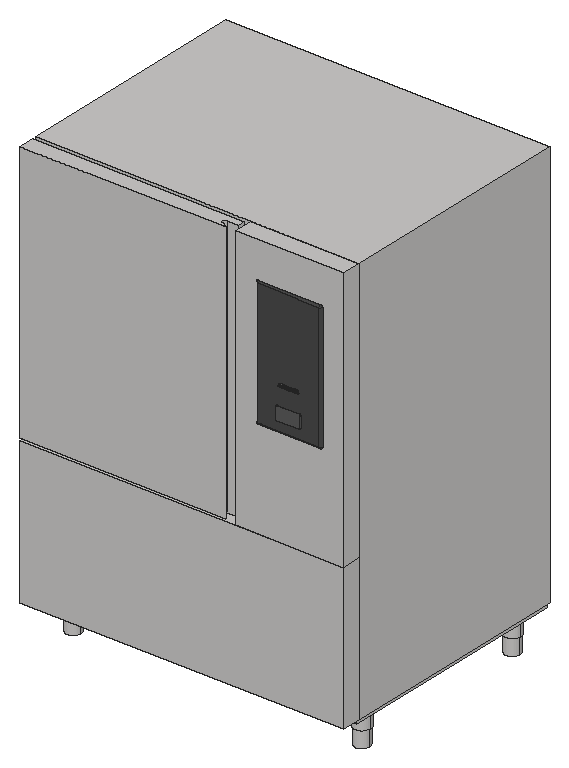
Revit family "QF_ALPENINOX_729255_ABFA12RE", category Specialty Equipment, Revit 2018
Family settings
  Round Connector Dimension = Use Diameter
  Part Type = Normal
  Work Plane-Based = No
  Always vertical = Yes
  Cut with Voids When Loaded = No
  Shared = No
  Room Calculation Point = No
Parameters (values of type "QF_ALPENINOX_729255_ABFA12RE.rfa")
  Weight = 290.00 kg
  Watts = 176.516 W
  Volts = 220 V
  URL Manufacturer = "http://www.alpeninox.com"
  URL = "http://www.alpeninox.com"
  Steam Supply Size = 0 mm
  Steam Supply Minimum Pressure = 0.0 Pa
  Steam Supply Maximum Pressure = 0.0 Pa
  Steam Pounds per Hour = 0
  Show Logo [instance] = yes
  Show Clearance [instance] = yes
  Refrigeration Suction Line Size = 0.059 mm
  Refrigeration Liquid Line Size = 0.031 mm
  Refrigerant Compressor Remote = yes
  Manufacturer = "Alpeninox"
  Phase = 1
  Model = "ABFA12RE"
  Length Actual = 1250 mm  # constant formula
  Item Number = "729255"
  Hot Water Size = 0 mm
  Height Actual = 1730 mm  # constant formula
  HP = "2.5 HP"
  Gas Size = 0 mm
  Gas KW = 0
  Gas Input Pressure = 0 W
  Description = "CRIO CHILL BLAST CHILLER FREEZER 100/70KG 10 GN 2/1 - REMOTE REFRIGERATED UNIT"
  Depth Actual = 1092 mm  # constant formula
  Cycle = 60 Hz
  Condensate Return Size = 0 mm
  Compressed Air Volume = 0.0 L/s
  Compressed Air Size = 0 mm
  Compressed Air Pressure = 0.0 Pa
  Cold Water Size = 0 mm
  Accessory = yes
Values of the unnamed type that differ from the named types
  Watts = 0 W
  Volts = 0 V
  URL Manufacturer = ""
  Item Number = ""
  HP = ""
  Cycle = 0 Hz
Reference planes
  plane 1 "Center X": y = 205.851
  plane 2: z = 0
  plane 3 "Center Y": x = -311.5
  plane 4 "BACK": y = 703.851
  plane 5 "FRONT": y = -292.149
  plane 6: z = 130
  plane 7 "TOP": z = 1730
  plane 8: y = 608.851
  plane 9: y = 795.851
  plane 10: y = -1071.149
  plane 11 "RIGHT": x = 313.5
  plane 12 "LEFT": x = -936.5
  plane 13: x = -869.5
  plane 14: x = 246.5
  plane 15: y = -118.149
Forms (mm)
  Extrusion 1, solid, material "QF_Finishes_Stainless Steel"
    sketch origin (0, 0, 1730) x (-1, 0, 0) y (0, -1, 0)
      loop
        line (936.5, -703.851) -> (936.5, 216.149) -> (-313.5, 216.149) -> (-313.5, -703.851) -> (936.5, -703.851)
    from 0 to -1580
  Extrusion 2, solid, material "QF_Finishes_Stainless Steel"
    sketch origin (-645.92, -0.954, 258.709) x (0, 1, 0) y (0, 0, 1)
      loop
        line (704.805, 694.306) -> (704.805, 392.314) -> (789.5, 399.789)
        arc (789.5, 399.789) -> (794.702, 402.354) -> (796.805, 407.759) r 8
        line (796.805, 407.759) -> (796.805, 433.233)
        arc (796.805, 433.233) -> (792.783, 442.547) -> (796.805, 451.86) r 12.795
        line (796.805, 451.86) -> (796.805, 483.24)
        arc (796.805, 483.24) -> (792.783, 492.554) -> (796.805, 501.867) r 12.795
        line (796.805, 501.867) -> (796.805, 533.247)
        arc (796.805, 533.247) -> (792.783, 542.56) -> (796.805, 551.874) r 12.795
        line (796.805, 551.874) -> (796.805, 583.254)
        arc (796.805, 583.254) -> (792.783, 592.567) -> (796.805, 601.881) r 12.795
        line (796.805, 601.881) -> (796.805, 634.796)
        arc (796.805, 634.796) -> (795.466, 639.795) -> (791.808, 643.455) r 10
        line (791.808, 643.455) -> (704.805, 694.306)
    from 618.187 to 801.865
  Extrusion 3, solid, material "QF_Finishes_Stainless Steel"
    sketch origin (-261.647, 703.851, 2065) x (1, 0, 0) y (0, 0, -1)
      loop
        circle (482.147, 1472) r 10.5
    from 0 to 29
  Extrusion 4, solid, material "QF_Finishes_Stainless Steel"
    sketch origin (-1206.916, -1524, 130) x (-1, 0, 0) y (0, -1, 0)
      loop
        line (-270.416, -1231.851) -> (-1520.416, -1231.851) -> (-1520.416, -1306.851) -> (-270.416, -1306.851) -> (-270.416, -1231.851)
    from 580 to 20.02
  Extrusion 5, solid, material "QF_Finishes_Stainless Steel"
    sketch origin (-1206.916, -1524, 130) x (-1, 0, 0) y (0, -1, 0)
      loop
        line (-279.416, -2227.851) -> (-279.416, -1309.851) -> (-1511.416, -1309.851) -> (-1511.416, -2227.851) -> (-279.416, -2227.851)
    from 20 to 0
  Extrusion 6, solid, material "QF_Finishes_Stainless Steel"
    sketch origin (-1206.916, -1524, 130) x (0, -1, 0) y (-1, 0, 0)
      loop
        circle (-1739.851, -840.416) r 9.5
    from 0 to 31.68
  Extrusion 7, void
    sketch origin (114.08, 0, 1730) x (-1, 0, 0) y (0, -1, 0)
      loop
        line (132.09, -795.851) -> (141.813, -795.851) -> (141.813, -703.851) -> (140.183, -703.851) -> (132.09, -795.851)
      loop
        line (-40.234, -703.851) -> (-41.865, -703.851) -> (-41.865, -795.851) -> (-32.141, -795.851) -> (-40.234, -703.851)
    from -1080 to -770
  Extrusion 8, solid, material "QF_Finishes_Stainless Steel"
    sketch origin (-445.5, 0, 1060.038) x (1, 0, 0) y (0, 1, 0)
      loop
        line (759, -292.149) -> (759, -217.149) -> (342, -217.149) -> (342, -292.149) -> (759, -292.149)
    from 669.962 to -349
  Extrusion 9, void
    sketch origin (136, -219.149, 1731) x (1, 0, 0) y (0, 0, -1)
      loop
        line (-387.5, 75) -> (-387.5, 977) -> (-998.5, 977) -> (-998.5, 75) -> (-387.5, 75)
    from 0 to 705
  Extrusion 10, solid, material "QF_Finishes_Stainless Steel"
    sketch origin (-936.5, 703.851, 1730) x (1, 0, 0) y (0, 0, -1)
      loop
        circle (1031.8, 1513) r 4.75
    from -100 to -80
  Extrusion 11, solid, material "QF_Finishes_Stainless Steel"
    sketch origin (-936.5, 703.851, 1730) x (1, 0, 0) y (0, 0, -1)
      loop
        circle (974.2, 1508) r 8
    from -100 to -20
  Extrusion 12, solid, material "QF_Finishes_Stainless Steel"
    sketch origin (-623, -292.149, 0) x (1, 0, 0) y (0, 0, -1)
      loop
        line (504.7, -1730) -> (504.7, -719.524) -> (-313.5, -719.524) -> (-313.5, -1730) -> (504.7, -1730)
    from 0 to 60
  Extrusion 13, solid, material "QF_Door-Drawer Clearances", visible <- "Show Clearance", detail levels coarse
    sketch origin (-623, 0, 1060.038) x (1, 0, 0) y (0, 1, 0)
      loop
        line (-260.5, -292.149) -> (-260.5, -1068.649)
        arc (-260.5, -1068.649) -> (276.158, -832.215) -> (504.7, -292.149) r 795
        line (504.7, -292.149) -> (-260.5, -292.149)
    from -340.514 to 669.962
  Extrusion 14, solid, material "QF_Door-Drawer Clearances", visible <- "Show Clearance", detail levels coarse
    sketch origin (-943.5, -326.949, 0) x (0, -1, 0) y (0, 0, -1)
      loop
        line (741.7, -1730) -> (741.7, -719.524) -> (-34.8, -719.524) -> (-34.8, -1730) -> (741.7, -1730)
    from 0 to 60
  Extrusion 15, void
    sketch origin (-791.045, 3, 0) x (1, 0, 0) y (0, 1, 0)
      loop
        arc (627.437, -262.922) -> (619.313, -269.056) -> (623.077, -278.514) r 8.395
        line (623.077, -278.514) -> (650.783, -295.149) -> (672.745, -295.149) -> (672.745, -262.922) -> (627.437, -262.922)
    from 719.524 to 1730
  Extrusion 16, void
    sketch origin (-1174.194, -617.449, 0) x (0, 1, 0) y (-1, 0, 0)
      loop
        arc (-405.892, -262.922) -> (-397.768, -256.787) -> (-401.532, -247.329) r 8.395
        line (-401.532, -247.329) -> (-429.238, -230.694) -> (-451.2, -230.694) -> (-451.2, -262.922) -> (-405.892, -262.922)
    from 719.524 to 1730
Cuts and joins
  Extrusion 9 cuts Extrusion 1
  Extrusion 7, Extrusion 9 cuts Extrusion 2
  Extrusion 9 cuts Extrusion 3
  Extrusion 9 cuts Extrusion 5
  Extrusion 9 cuts Extrusion 6
  joined: Extrusion 1, Extrusion 2, Extrusion 3, Extrusion 5, Extrusion 6
  Extrusion 15 cuts Extrusion 12
  Extrusion 15 cuts Extrusion 13
  Extrusion 16 cuts Extrusion 14
  joined: Extrusion 13, Extrusion 14
Lines and regions (mm)
  Split face 1
    outline origin (775.107, -292.149, -365.12) x (-1, 0, 0) y (0, 0, -1)
      loop
        line (491.638, -548.639) -> (601.654, -548.639) -> (601.654, -543.665) -> (491.638, -543.665) -> (491.638, -548.639)
  Split face 2
    outline origin (775.107, -292.149, -355.62) x (-1, 0, 0) y (0, 0, -1)
      loop
        line (491.638, -548.639) -> (601.654, -548.639) -> (601.654, -543.665) -> (491.638, -543.665) -> (491.638, -548.639)
  Split face 3
    outline origin (775.107, -292.149, -346.12) x (-1, 0, 0) y (0, 0, -1)
      loop
        line (491.638, -548.639) -> (601.654, -548.639) -> (601.654, -543.665) -> (491.638, -543.665) -> (491.638, -548.639)
  Split face 4
    outline origin (775.107, -292.149, -336.62) x (-1, 0, 0) y (0, 0, -1)
      loop
        line (491.638, -548.639) -> (601.654, -548.639) -> (601.654, -543.665) -> (491.638, -543.665) -> (491.638, -548.639)
  Split face 5
    outline origin (775.107, -292.149, -327.12) x (-1, 0, 0) y (0, 0, -1)
      loop
        line (491.638, -548.639) -> (601.654, -548.639) -> (601.654, -543.665) -> (491.638, -543.665) -> (491.638, -548.639)
  Split face 6
    outline origin (775.107, -292.149, -317.619) x (-1, 0, 0) y (0, 0, -1)
      loop
        line (491.638, -548.639) -> (601.654, -548.639) -> (601.654, -543.665) -> (491.638, -543.665) -> (491.638, -548.639)
  Split face 7
    outline origin (775.107, -292.149, -308.119) x (-1, 0, 0) y (0, 0, -1)
      loop
        line (491.638, -548.639) -> (601.654, -548.639) -> (601.654, -543.665) -> (491.638, -543.665) -> (491.638, -548.639)
  Split face 8
    outline origin (775.107, -292.149, -298.619) x (-1, 0, 0) y (0, 0, -1)
      loop
        line (491.638, -548.639) -> (601.654, -548.639) -> (601.654, -543.665) -> (491.638, -543.665) -> (491.638, -548.639)
  Split face 9
    outline origin (775.107, -292.149, -289.119) x (-1, 0, 0) y (0, 0, -1)
      loop
        line (491.638, -548.639) -> (601.654, -548.639) -> (601.654, -543.665) -> (491.638, -543.665) -> (491.638, -548.639)
  Split face 10
    outline origin (775.107, -292.149, -279.619) x (-1, 0, 0) y (0, 0, -1)
      loop
        line (491.638, -548.639) -> (601.654, -548.639) -> (601.654, -543.665) -> (491.638, -543.665) -> (491.638, -548.639)
  Split face 11
    outline origin (775.107, -292.149, -270.119) x (-1, 0, 0) y (0, 0, -1)
      loop
        line (491.638, -548.639) -> (601.654, -548.639) -> (601.654, -543.665) -> (491.638, -543.665) -> (491.638, -548.639)
  Split face 12
    outline origin (775.107, -292.149, -260.619) x (-1, 0, 0) y (0, 0, -1)
      loop
        line (491.638, -548.639) -> (601.654, -548.639) -> (601.654, -543.665) -> (491.638, -543.665) -> (491.638, -548.639)
  Split face 13
    outline origin (775.107, -292.149, -251.119) x (-1, 0, 0) y (0, 0, -1)
      loop
        line (491.638, -548.639) -> (601.654, -548.639) -> (601.654, -543.665) -> (491.638, -543.665) -> (491.638, -548.639)
  Split face 14
    outline origin (775.107, -292.149, -241.619) x (-1, 0, 0) y (0, 0, -1)
      loop
        line (491.638, -548.639) -> (601.654, -548.639) -> (601.654, -543.665) -> (491.638, -543.665) -> (491.638, -548.639)
  Split face 15
    outline origin (775.107, -292.149, -232.119) x (-1, 0, 0) y (0, 0, -1)
      loop
        line (491.638, -548.639) -> (601.654, -548.639) -> (601.654, -543.665) -> (491.638, -543.665) -> (491.638, -548.639)
  Split face 16
    outline origin (775.107, -292.149, -222.619) x (-1, 0, 0) y (0, 0, -1)
      loop
        line (491.638, -548.639) -> (601.654, -548.639) -> (601.654, -543.665) -> (491.638, -543.665) -> (491.638, -548.639)
  Split face 17
    outline origin (775.107, -292.149, -213.119) x (-1, 0, 0) y (0, 0, -1)
      loop
        line (491.638, -548.639) -> (601.654, -548.639) -> (601.654, -543.665) -> (491.638, -543.665) -> (491.638, -548.639)
  Split face 18
    outline origin (775.107, -292.149, -203.619) x (-1, 0, 0) y (0, 0, -1)
      loop
        line (491.638, -548.639) -> (601.654, -548.639) -> (601.654, -543.665) -> (491.638, -543.665) -> (491.638, -548.639)
  Split face 19
    outline origin (775.107, -292.149, -194.118) x (-1, 0, 0) y (0, 0, -1)
      loop
        line (491.638, -548.639) -> (601.654, -548.639) -> (601.654, -543.665) -> (491.638, -543.665) -> (491.638, -548.639)
  Split face 20
    outline origin (775.107, -292.149, -184.618) x (-1, 0, 0) y (0, 0, -1)
      loop
        line (491.638, -548.639) -> (601.654, -548.639) -> (601.654, -543.665) -> (491.638, -543.665) -> (491.638, -548.639)
  Split face 21
    outline origin (775.107, -292.149, -175.118) x (-1, 0, 0) y (0, 0, -1)
      loop
        line (491.638, -548.639) -> (601.654, -548.639) -> (601.654, -543.665) -> (491.638, -543.665) -> (491.638, -548.639)
  Split face 22
    outline origin (775.107, -292.149, -165.618) x (-1, 0, 0) y (0, 0, -1)
      loop
        line (491.638, -548.639) -> (601.654, -548.639) -> (601.654, -543.665) -> (491.638, -543.665) -> (491.638, -548.639)
  Split face 23
    outline origin (775.107, -292.149, -156.118) x (-1, 0, 0) y (0, 0, -1)
      loop
        line (491.638, -548.639) -> (601.654, -548.639) -> (601.654, -543.665) -> (491.638, -543.665) -> (491.638, -548.639)
  Split face 24
    outline origin (775.107, -292.149, -146.618) x (-1, 0, 0) y (0, 0, -1)
      loop
        line (491.638, -548.639) -> (601.654, -548.639) -> (601.654, -543.665) -> (491.638, -543.665) -> (491.638, -548.639)
  Split face 25
    outline origin (775.107, -292.149, -137.118) x (-1, 0, 0) y (0, 0, -1)
      loop
        line (491.638, -548.639) -> (601.654, -548.639) -> (601.654, -543.665) -> (491.638, -543.665) -> (491.638, -548.639)
  Split face 26
    outline origin (775.107, -292.149, -127.618) x (-1, 0, 0) y (0, 0, -1)
      loop
        line (491.638, -548.639) -> (601.654, -548.639) -> (601.654, -543.665) -> (491.638, -543.665) -> (491.638, -548.639)
  Split face 27
    outline origin (775.107, -292.149, -118.118) x (-1, 0, 0) y (0, 0, -1)
      loop
        line (491.638, -548.639) -> (601.654, -548.639) -> (601.654, -543.665) -> (491.638, -543.665) -> (491.638, -548.639)
  Split face 28
    outline origin (775.107, -292.149, -108.618) x (-1, 0, 0) y (0, 0, -1)
      loop
        line (491.638, -548.639) -> (601.654, -548.639) -> (601.654, -543.665) -> (491.638, -543.665) -> (491.638, -548.639)
  Split face 29
    outline origin (775.107, -292.149, -99.118) x (-1, 0, 0) y (0, 0, -1)
      loop
        line (491.638, -548.639) -> (601.654, -548.639) -> (601.654, -543.665) -> (491.638, -543.665) -> (491.638, -548.639)
  Split face 30
    outline origin (775.107, -292.149, -89.618) x (-1, 0, 0) y (0, 0, -1)
      loop
        line (491.638, -548.639) -> (601.654, -548.639) -> (601.654, -543.665) -> (491.638, -543.665) -> (491.638, -548.639)
  Split face 31
    outline origin (775.107, -292.149, -80.117) x (-1, 0, 0) y (0, 0, -1)
      loop
        line (491.638, -548.639) -> (601.654, -548.639) -> (601.654, -543.665) -> (491.638, -543.665) -> (491.638, -548.639)
  Split face 32
    outline origin (775.107, -292.149, -70.617) x (-1, 0, 0) y (0, 0, -1)
      loop
        line (491.638, -548.639) -> (601.654, -548.639) -> (601.654, -543.665) -> (491.638, -543.665) -> (491.638, -548.639)
  Split face 33
    outline origin (775.107, -292.149, -61.117) x (-1, 0, 0) y (0, 0, -1)
      loop
        line (491.638, -548.639) -> (601.654, -548.639) -> (601.654, -543.665) -> (491.638, -543.665) -> (491.638, -548.639)
  Split face 34
    outline origin (775.107, -292.149, -51.617) x (-1, 0, 0) y (0, 0, -1)
      loop
        line (491.638, -548.639) -> (601.654, -548.639) -> (601.654, -543.665) -> (491.638, -543.665) -> (491.638, -548.639)
  Split face 35
    outline origin (775.107, -292.149, -42.117) x (-1, 0, 0) y (0, 0, -1)
      loop
        line (491.638, -548.639) -> (601.654, -548.639) -> (601.654, -543.665) -> (491.638, -543.665) -> (491.638, -548.639)
  Split face 36
    outline origin (775.107, -292.149, -32.617) x (-1, 0, 0) y (0, 0, -1)
      loop
        line (491.638, -548.639) -> (601.654, -548.639) -> (601.654, -543.665) -> (491.638, -543.665) -> (491.638, -548.639)
  Split face 37
    outline origin (775.107, -292.149, -23.117) x (-1, 0, 0) y (0, 0, -1)
      loop
        line (491.638, -548.639) -> (601.654, -548.639) -> (601.654, -543.665) -> (491.638, -543.665) -> (491.638, -548.639)
  Split face 38
    outline origin (775.107, -292.149, -13.617) x (-1, 0, 0) y (0, 0, -1)
      loop
        line (491.638, -548.639) -> (601.654, -548.639) -> (601.654, -543.665) -> (491.638, -543.665) -> (491.638, -548.639)
  Split face 39
    outline origin (775.107, -292.149, -4.117) x (-1, 0, 0) y (0, 0, -1)
      loop
        line (491.638, -548.639) -> (601.654, -548.639) -> (601.654, -543.665) -> (491.638, -543.665) -> (491.638, -548.639)
  Split face 40
    outline origin (775.107, -292.149, 5.383) x (-1, 0, 0) y (0, 0, -1)
      loop
        line (491.638, -548.639) -> (601.654, -548.639) -> (601.654, -543.665) -> (491.638, -543.665) -> (491.638, -548.639)
  Split face 41
    outline origin (775.107, -292.149, 14.883) x (-1, 0, 0) y (0, 0, -1)
      loop
        line (491.638, -548.639) -> (601.654, -548.639) -> (601.654, -543.665) -> (491.638, -543.665) -> (491.638, -548.639)
  Split face 42
    outline origin (655.115, -292.149, -365.12) x (-1, 0, 0) y (0, 0, -1)
      loop
        line (491.638, -548.639) -> (601.654, -548.639) -> (601.654, -543.665) -> (491.638, -543.665) -> (491.638, -548.639)
  Split face 43
    outline origin (655.115, -292.149, -355.62) x (-1, 0, 0) y (0, 0, -1)
      loop
        line (491.638, -548.639) -> (601.654, -548.639) -> (601.654, -543.665) -> (491.638, -543.665) -> (491.638, -548.639)
  Split face 44
    outline origin (655.115, -292.149, -346.12) x (-1, 0, 0) y (0, 0, -1)
      loop
        line (491.638, -548.639) -> (601.654, -548.639) -> (601.654, -543.665) -> (491.638, -543.665) -> (491.638, -548.639)
  Split face 45
    outline origin (655.115, -292.149, -336.62) x (-1, 0, 0) y (0, 0, -1)
      loop
        line (491.638, -548.639) -> (601.654, -548.639) -> (601.654, -543.665) -> (491.638, -543.665) -> (491.638, -548.639)
  Split face 46
    outline origin (655.115, -292.149, -327.12) x (-1, 0, 0) y (0, 0, -1)
      loop
        line (491.638, -548.639) -> (601.654, -548.639) -> (601.654, -543.665) -> (491.638, -543.665) -> (491.638, -548.639)
  Split face 47
    outline origin (655.115, -292.149, -317.619) x (-1, 0, 0) y (0, 0, -1)
      loop
        line (491.638, -548.639) -> (601.654, -548.639) -> (601.654, -543.665) -> (491.638, -543.665) -> (491.638, -548.639)
  Split face 48
    outline origin (655.115, -292.149, -308.119) x (-1, 0, 0) y (0, 0, -1)
      loop
        line (491.638, -548.639) -> (601.654, -548.639) -> (601.654, -543.665) -> (491.638, -543.665) -> (491.638, -548.639)
  Split face 49
    outline origin (655.115, -292.149, -298.619) x (-1, 0, 0) y (0, 0, -1)
      loop
        line (491.638, -548.639) -> (601.654, -548.639) -> (601.654, -543.665) -> (491.638, -543.665) -> (491.638, -548.639)
  Split face 50
    outline origin (655.115, -292.149, -289.119) x (-1, 0, 0) y (0, 0, -1)
      loop
        line (491.638, -548.639) -> (601.654, -548.639) -> (601.654, -543.665) -> (491.638, -543.665) -> (491.638, -548.639)
  Split face 51
    outline origin (655.115, -292.149, -279.619) x (-1, 0, 0) y (0, 0, -1)
      loop
        line (491.638, -548.639) -> (601.654, -548.639) -> (601.654, -543.665) -> (491.638, -543.665) -> (491.638, -548.639)
  Split face 52
    outline origin (655.115, -292.149, -270.119) x (-1, 0, 0) y (0, 0, -1)
      loop
        line (491.638, -548.639) -> (601.654, -548.639) -> (601.654, -543.665) -> (491.638, -543.665) -> (491.638, -548.639)
  Split face 53
    outline origin (655.115, -292.149, -260.619) x (-1, 0, 0) y (0, 0, -1)
      loop
        line (491.638, -548.639) -> (601.654, -548.639) -> (601.654, -543.665) -> (491.638, -543.665) -> (491.638, -548.639)
  Split face 54
    outline origin (655.115, -292.149, -251.119) x (-1, 0, 0) y (0, 0, -1)
      loop
        line (491.638, -548.639) -> (601.654, -548.639) -> (601.654, -543.665) -> (491.638, -543.665) -> (491.638, -548.639)
  Split face 55
    outline origin (655.115, -292.149, -241.619) x (-1, 0, 0) y (0, 0, -1)
      loop
        line (491.638, -548.639) -> (601.654, -548.639) -> (601.654, -543.665) -> (491.638, -543.665) -> (491.638, -548.639)
  Split face 56
    outline origin (655.115, -292.149, -232.119) x (-1, 0, 0) y (0, 0, -1)
      loop
        line (491.638, -548.639) -> (601.654, -548.639) -> (601.654, -543.665) -> (491.638, -543.665) -> (491.638, -548.639)
  Split face 57
    outline origin (655.115, -292.149, -222.619) x (-1, 0, 0) y (0, 0, -1)
      loop
        line (491.638, -548.639) -> (601.654, -548.639) -> (601.654, -543.665) -> (491.638, -543.665) -> (491.638, -548.639)
  Split face 58
    outline origin (655.115, -292.149, -213.119) x (-1, 0, 0) y (0, 0, -1)
      loop
        line (491.638, -548.639) -> (601.654, -548.639) -> (601.654, -543.665) -> (491.638, -543.665) -> (491.638, -548.639)
  Split face 59
    outline origin (655.115, -292.149, -203.619) x (-1, 0, 0) y (0, 0, -1)
      loop
        line (491.638, -548.639) -> (601.654, -548.639) -> (601.654, -543.665) -> (491.638, -543.665) -> (491.638, -548.639)
  Split face 60
    outline origin (655.115, -292.149, -194.118) x (-1, 0, 0) y (0, 0, -1)
      loop
        line (491.638, -548.639) -> (601.654, -548.639) -> (601.654, -543.665) -> (491.638, -543.665) -> (491.638, -548.639)
  Split face 61
    outline origin (655.115, -292.149, -184.618) x (-1, 0, 0) y (0, 0, -1)
      loop
        line (491.638, -548.639) -> (601.654, -548.639) -> (601.654, -543.665) -> (491.638, -543.665) -> (491.638, -548.639)
  Split face 62
    outline origin (655.115, -292.149, -175.118) x (-1, 0, 0) y (0, 0, -1)
      loop
        line (491.638, -548.639) -> (601.654, -548.639) -> (601.654, -543.665) -> (491.638, -543.665) -> (491.638, -548.639)
  Split face 63
    outline origin (655.115, -292.149, -165.618) x (-1, 0, 0) y (0, 0, -1)
      loop
        line (491.638, -548.639) -> (601.654, -548.639) -> (601.654, -543.665) -> (491.638, -543.665) -> (491.638, -548.639)
  Split face 64
    outline origin (655.115, -292.149, -156.118) x (-1, 0, 0) y (0, 0, -1)
      loop
        line (491.638, -548.639) -> (601.654, -548.639) -> (601.654, -543.665) -> (491.638, -543.665) -> (491.638, -548.639)
  Split face 65
    outline origin (655.115, -292.149, -146.618) x (-1, 0, 0) y (0, 0, -1)
      loop
        line (491.638, -548.639) -> (601.654, -548.639) -> (601.654, -543.665) -> (491.638, -543.665) -> (491.638, -548.639)
  Split face 66
    outline origin (655.115, -292.149, -137.118) x (-1, 0, 0) y (0, 0, -1)
      loop
        line (491.638, -548.639) -> (601.654, -548.639) -> (601.654, -543.665) -> (491.638, -543.665) -> (491.638, -548.639)
  Split face 67
    outline origin (655.115, -292.149, -127.618) x (-1, 0, 0) y (0, 0, -1)
      loop
        line (491.638, -548.639) -> (601.654, -548.639) -> (601.654, -543.665) -> (491.638, -543.665) -> (491.638, -548.639)
  Split face 68
    outline origin (655.115, -292.149, -118.118) x (-1, 0, 0) y (0, 0, -1)
      loop
        line (491.638, -548.639) -> (601.654, -548.639) -> (601.654, -543.665) -> (491.638, -543.665) -> (491.638, -548.639)
  Split face 69
    outline origin (655.115, -292.149, -108.618) x (-1, 0, 0) y (0, 0, -1)
      loop
        line (491.638, -548.639) -> (601.654, -548.639) -> (601.654, -543.665) -> (491.638, -543.665) -> (491.638, -548.639)
  Split face 70
    outline origin (655.115, -292.149, -99.118) x (-1, 0, 0) y (0, 0, -1)
      loop
        line (491.638, -548.639) -> (601.654, -548.639) -> (601.654, -543.665) -> (491.638, -543.665) -> (491.638, -548.639)
  Split face 71
    outline origin (655.115, -292.149, -89.618) x (-1, 0, 0) y (0, 0, -1)
      loop
        line (491.638, -548.639) -> (601.654, -548.639) -> (601.654, -543.665) -> (491.638, -543.665) -> (491.638, -548.639)
  Split face 72
    outline origin (655.115, -292.149, -80.117) x (-1, 0, 0) y (0, 0, -1)
      loop
        line (491.638, -548.639) -> (601.654, -548.639) -> (601.654, -543.665) -> (491.638, -543.665) -> (491.638, -548.639)
  Split face 73
    outline origin (655.115, -292.149, -70.617) x (-1, 0, 0) y (0, 0, -1)
      loop
        line (491.638, -548.639) -> (601.654, -548.639) -> (601.654, -543.665) -> (491.638, -543.665) -> (491.638, -548.639)
  Split face 74
    outline origin (655.115, -292.149, -61.117) x (-1, 0, 0) y (0, 0, -1)
      loop
        line (491.638, -548.639) -> (601.654, -548.639) -> (601.654, -543.665) -> (491.638, -543.665) -> (491.638, -548.639)
  Split face 75
    outline origin (655.115, -292.149, -51.617) x (-1, 0, 0) y (0, 0, -1)
      loop
        line (491.638, -548.639) -> (601.654, -548.639) -> (601.654, -543.665) -> (491.638, -543.665) -> (491.638, -548.639)
  Split face 76
    outline origin (655.115, -292.149, -42.117) x (-1, 0, 0) y (0, 0, -1)
      loop
        line (491.638, -548.639) -> (601.654, -548.639) -> (601.654, -543.665) -> (491.638, -543.665) -> (491.638, -548.639)
  Split face 77
    outline origin (655.115, -292.149, -32.617) x (-1, 0, 0) y (0, 0, -1)
      loop
        line (491.638, -548.639) -> (601.654, -548.639) -> (601.654, -543.665) -> (491.638, -543.665) -> (491.638, -548.639)
  Split face 78
    outline origin (655.115, -292.149, -23.117) x (-1, 0, 0) y (0, 0, -1)
      loop
        line (491.638, -548.639) -> (601.654, -548.639) -> (601.654, -543.665) -> (491.638, -543.665) -> (491.638, -548.639)
  Split face 79
    outline origin (655.115, -292.149, -13.617) x (-1, 0, 0) y (0, 0, -1)
      loop
        line (491.638, -548.639) -> (601.654, -548.639) -> (601.654, -543.665) -> (491.638, -543.665) -> (491.638, -548.639)
  Split face 80
    outline origin (655.115, -292.149, -4.117) x (-1, 0, 0) y (0, 0, -1)
      loop
        line (491.638, -548.639) -> (601.654, -548.639) -> (601.654, -543.665) -> (491.638, -543.665) -> (491.638, -548.639)
  Split face 81
    outline origin (655.115, -292.149, 5.383) x (-1, 0, 0) y (0, 0, -1)
      loop
        line (491.638, -548.639) -> (601.654, -548.639) -> (601.654, -543.665) -> (491.638, -543.665) -> (491.638, -548.639)
  Split face 82
    outline origin (655.115, -292.149, 14.883) x (-1, 0, 0) y (0, 0, -1)
      loop
        line (491.638, -548.639) -> (601.654, -548.639) -> (601.654, -543.665) -> (491.638, -543.665) -> (491.638, -548.639)
  Split face 83
    outline origin (535.124, -292.149, -365.12) x (-1, 0, 0) y (0, 0, -1)
      loop
        line (491.638, -548.639) -> (601.654, -548.639) -> (601.654, -543.665) -> (491.638, -543.665) -> (491.638, -548.639)
  Split face 84
    outline origin (535.124, -292.149, -355.62) x (-1, 0, 0) y (0, 0, -1)
      loop
        line (491.638, -548.639) -> (601.654, -548.639) -> (601.654, -543.665) -> (491.638, -543.665) -> (491.638, -548.639)
  Split face 85
    outline origin (535.124, -292.149, -346.12) x (-1, 0, 0) y (0, 0, -1)
      loop
        line (491.638, -548.639) -> (601.654, -548.639) -> (601.654, -543.665) -> (491.638, -543.665) -> (491.638, -548.639)
  Split face 86
    outline origin (535.124, -292.149, -336.62) x (-1, 0, 0) y (0, 0, -1)
      loop
        line (491.638, -548.639) -> (601.654, -548.639) -> (601.654, -543.665) -> (491.638, -543.665) -> (491.638, -548.639)
  Split face 87
    outline origin (535.124, -292.149, -327.12) x (-1, 0, 0) y (0, 0, -1)
      loop
        line (491.638, -548.639) -> (601.654, -548.639) -> (601.654, -543.665) -> (491.638, -543.665) -> (491.638, -548.639)
  Split face 88
    outline origin (535.124, -292.149, -317.619) x (-1, 0, 0) y (0, 0, -1)
      loop
        line (491.638, -548.639) -> (601.654, -548.639) -> (601.654, -543.665) -> (491.638, -543.665) -> (491.638, -548.639)
  Split face 89
    outline origin (535.124, -292.149, -308.119) x (-1, 0, 0) y (0, 0, -1)
      loop
        line (491.638, -548.639) -> (601.654, -548.639) -> (601.654, -543.665) -> (491.638, -543.665) -> (491.638, -548.639)
  Split face 90
    outline origin (535.124, -292.149, -298.619) x (-1, 0, 0) y (0, 0, -1)
      loop
        line (491.638, -548.639) -> (601.654, -548.639) -> (601.654, -543.665) -> (491.638, -543.665) -> (491.638, -548.639)
  Split face 91
    outline origin (535.124, -292.149, -289.119) x (-1, 0, 0) y (0, 0, -1)
      loop
        line (491.638, -548.639) -> (601.654, -548.639) -> (601.654, -543.665) -> (491.638, -543.665) -> (491.638, -548.639)
  Split face 92
    outline origin (535.124, -292.149, -279.619) x (-1, 0, 0) y (0, 0, -1)
      loop
        line (491.638, -548.639) -> (601.654, -548.639) -> (601.654, -543.665) -> (491.638, -543.665) -> (491.638, -548.639)
  Split face 93
    outline origin (535.124, -292.149, -270.119) x (-1, 0, 0) y (0, 0, -1)
      loop
        line (491.638, -548.639) -> (601.654, -548.639) -> (601.654, -543.665) -> (491.638, -543.665) -> (491.638, -548.639)
  Split face 94
    outline origin (535.124, -292.149, -260.619) x (-1, 0, 0) y (0, 0, -1)
      loop
        line (491.638, -548.639) -> (601.654, -548.639) -> (601.654, -543.665) -> (491.638, -543.665) -> (491.638, -548.639)
  Split face 95
    outline origin (535.124, -292.149, -251.119) x (-1, 0, 0) y (0, 0, -1)
      loop
        line (491.638, -548.639) -> (601.654, -548.639) -> (601.654, -543.665) -> (491.638, -543.665) -> (491.638, -548.639)
  Split face 96
    outline origin (535.124, -292.149, -241.619) x (-1, 0, 0) y (0, 0, -1)
      loop
        line (491.638, -548.639) -> (601.654, -548.639) -> (601.654, -543.665) -> (491.638, -543.665) -> (491.638, -548.639)
  Split face 97
    outline origin (535.124, -292.149, -232.119) x (-1, 0, 0) y (0, 0, -1)
      loop
        line (491.638, -548.639) -> (601.654, -548.639) -> (601.654, -543.665) -> (491.638, -543.665) -> (491.638, -548.639)
  Split face 98
    outline origin (535.124, -292.149, -222.619) x (-1, 0, 0) y (0, 0, -1)
      loop
        line (491.638, -548.639) -> (601.654, -548.639) -> (601.654, -543.665) -> (491.638, -543.665) -> (491.638, -548.639)
  Split face 99
    outline origin (535.124, -292.149, -213.119) x (-1, 0, 0) y (0, 0, -1)
      loop
        line (491.638, -548.639) -> (601.654, -548.639) -> (601.654, -543.665) -> (491.638, -543.665) -> (491.638, -548.639)
  Split face 100
    outline origin (535.124, -292.149, -203.619) x (-1, 0, 0) y (0, 0, -1)
      loop
        line (491.638, -548.639) -> (601.654, -548.639) -> (601.654, -543.665) -> (491.638, -543.665) -> (491.638, -548.639)
  Split face 101
    outline origin (535.124, -292.149, -194.118) x (-1, 0, 0) y (0, 0, -1)
      loop
        line (491.638, -548.639) -> (601.654, -548.639) -> (601.654, -543.665) -> (491.638, -543.665) -> (491.638, -548.639)
  Split face 102
    outline origin (535.124, -292.149, -184.618) x (-1, 0, 0) y (0, 0, -1)
      loop
        line (491.638, -548.639) -> (601.654, -548.639) -> (601.654, -543.665) -> (491.638, -543.665) -> (491.638, -548.639)
  Split face 103
    outline origin (535.124, -292.149, -175.118) x (-1, 0, 0) y (0, 0, -1)
      loop
        line (491.638, -548.639) -> (601.654, -548.639) -> (601.654, -543.665) -> (491.638, -543.665) -> (491.638, -548.639)
  Split face 104
    outline origin (535.124, -292.149, -165.618) x (-1, 0, 0) y (0, 0, -1)
      loop
        line (491.638, -548.639) -> (601.654, -548.639) -> (601.654, -543.665) -> (491.638, -543.665) -> (491.638, -548.639)
  Split face 105
    outline origin (535.124, -292.149, -156.118) x (-1, 0, 0) y (0, 0, -1)
      loop
        line (491.638, -548.639) -> (601.654, -548.639) -> (601.654, -543.665) -> (491.638, -543.665) -> (491.638, -548.639)
  Split face 106
    outline origin (535.124, -292.149, -146.618) x (-1, 0, 0) y (0, 0, -1)
      loop
        line (491.638, -548.639) -> (601.654, -548.639) -> (601.654, -543.665) -> (491.638, -543.665) -> (491.638, -548.639)
  Split face 107
    outline origin (535.124, -292.149, -137.118) x (-1, 0, 0) y (0, 0, -1)
      loop
        line (491.638, -548.639) -> (601.654, -548.639) -> (601.654, -543.665) -> (491.638, -543.665) -> (491.638, -548.639)
  Split face 108
    outline origin (535.124, -292.149, -127.618) x (-1, 0, 0) y (0, 0, -1)
      loop
        line (491.638, -548.639) -> (601.654, -548.639) -> (601.654, -543.665) -> (491.638, -543.665) -> (491.638, -548.639)
  Split face 109
    outline origin (535.124, -292.149, -118.118) x (-1, 0, 0) y (0, 0, -1)
      loop
        line (491.638, -548.639) -> (601.654, -548.639) -> (601.654, -543.665) -> (491.638, -543.665) -> (491.638, -548.639)
  Split face 110
    outline origin (535.124, -292.149, -108.618) x (-1, 0, 0) y (0, 0, -1)
      loop
        line (491.638, -548.639) -> (601.654, -548.639) -> (601.654, -543.665) -> (491.638, -543.665) -> (491.638, -548.639)
  Split face 111
    outline origin (535.124, -292.149, -99.118) x (-1, 0, 0) y (0, 0, -1)
      loop
        line (491.638, -548.639) -> (601.654, -548.639) -> (601.654, -543.665) -> (491.638, -543.665) -> (491.638, -548.639)
  Split face 112
    outline origin (535.124, -292.149, -89.618) x (-1, 0, 0) y (0, 0, -1)
      loop
        line (491.638, -548.639) -> (601.654, -548.639) -> (601.654, -543.665) -> (491.638, -543.665) -> (491.638, -548.639)
  Split face 113
    outline origin (535.124, -292.149, -80.117) x (-1, 0, 0) y (0, 0, -1)
      loop
        line (491.638, -548.639) -> (601.654, -548.639) -> (601.654, -543.665) -> (491.638, -543.665) -> (491.638, -548.639)
  Split face 114
    outline origin (535.124, -292.149, -70.617) x (-1, 0, 0) y (0, 0, -1)
      loop
        line (491.638, -548.639) -> (601.654, -548.639) -> (601.654, -543.665) -> (491.638, -543.665) -> (491.638, -548.639)
  Split face 115
    outline origin (535.124, -292.149, -61.117) x (-1, 0, 0) y (0, 0, -1)
      loop
        line (491.638, -548.639) -> (601.654, -548.639) -> (601.654, -543.665) -> (491.638, -543.665) -> (491.638, -548.639)
  Split face 116
    outline origin (535.124, -292.149, -51.617) x (-1, 0, 0) y (0, 0, -1)
      loop
        line (491.638, -548.639) -> (601.654, -548.639) -> (601.654, -543.665) -> (491.638, -543.665) -> (491.638, -548.639)
  Split face 117
    outline origin (535.124, -292.149, -42.117) x (-1, 0, 0) y (0, 0, -1)
      loop
        line (491.638, -548.639) -> (601.654, -548.639) -> (601.654, -543.665) -> (491.638, -543.665) -> (491.638, -548.639)
  Split face 118
    outline origin (535.124, -292.149, -32.617) x (-1, 0, 0) y (0, 0, -1)
      loop
        line (491.638, -548.639) -> (601.654, -548.639) -> (601.654, -543.665) -> (491.638, -543.665) -> (491.638, -548.639)
  Split face 119
    outline origin (535.124, -292.149, -23.117) x (-1, 0, 0) y (0, 0, -1)
      loop
        line (491.638, -548.639) -> (601.654, -548.639) -> (601.654, -543.665) -> (491.638, -543.665) -> (491.638, -548.639)
  Split face 120
    outline origin (535.124, -292.149, -13.617) x (-1, 0, 0) y (0, 0, -1)
      loop
        line (491.638, -548.639) -> (601.654, -548.639) -> (601.654, -543.665) -> (491.638, -543.665) -> (491.638, -548.639)
  Split face 121
    outline origin (535.124, -292.149, -4.117) x (-1, 0, 0) y (0, 0, -1)
      loop
        line (491.638, -548.639) -> (601.654, -548.639) -> (601.654, -543.665) -> (491.638, -543.665) -> (491.638, -548.639)
  Split face 122
    outline origin (535.124, -292.149, 5.383) x (-1, 0, 0) y (0, 0, -1)
      loop
        line (491.638, -548.639) -> (601.654, -548.639) -> (601.654, -543.665) -> (491.638, -543.665) -> (491.638, -548.639)
  Split face 123
    outline origin (535.124, -292.149, 14.883) x (-1, 0, 0) y (0, 0, -1)
      loop
        line (491.638, -548.639) -> (601.654, -548.639) -> (601.654, -543.665) -> (491.638, -543.665) -> (491.638, -548.639)
  Split face 124
    outline origin (415.133, -292.149, -365.12) x (-1, 0, 0) y (0, 0, -1)
      loop
        line (491.638, -548.639) -> (601.654, -548.639) -> (601.654, -543.665) -> (491.638, -543.665) -> (491.638, -548.639)
  Split face 125
    outline origin (415.133, -292.149, -355.62) x (-1, 0, 0) y (0, 0, -1)
      loop
        line (491.638, -548.639) -> (601.654, -548.639) -> (601.654, -543.665) -> (491.638, -543.665) -> (491.638, -548.639)
  Split face 126
    outline origin (415.133, -292.149, -346.12) x (-1, 0, 0) y (0, 0, -1)
      loop
        line (491.638, -548.639) -> (601.654, -548.639) -> (601.654, -543.665) -> (491.638, -543.665) -> (491.638, -548.639)
  Split face 127
    outline origin (415.133, -292.149, -336.62) x (-1, 0, 0) y (0, 0, -1)
      loop
        line (491.638, -548.639) -> (601.654, -548.639) -> (601.654, -543.665) -> (491.638, -543.665) -> (491.638, -548.639)
  Split face 128
    outline origin (415.133, -292.149, -327.12) x (-1, 0, 0) y (0, 0, -1)
      loop
        line (491.638, -548.639) -> (601.654, -548.639) -> (601.654, -543.665) -> (491.638, -543.665) -> (491.638, -548.639)
  Split face 129
    outline origin (415.133, -292.149, -317.619) x (-1, 0, 0) y (0, 0, -1)
      loop
        line (491.638, -548.639) -> (601.654, -548.639) -> (601.654, -543.665) -> (491.638, -543.665) -> (491.638, -548.639)
  Split face 130
    outline origin (415.133, -292.149, -308.119) x (-1, 0, 0) y (0, 0, -1)
      loop
        line (491.638, -548.639) -> (601.654, -548.639) -> (601.654, -543.665) -> (491.638, -543.665) -> (491.638, -548.639)
  Split face 131
    outline origin (415.133, -292.149, -298.619) x (-1, 0, 0) y (0, 0, -1)
      loop
        line (491.638, -548.639) -> (601.654, -548.639) -> (601.654, -543.665) -> (491.638, -543.665) -> (491.638, -548.639)
  Split face 132
    outline origin (415.133, -292.149, -289.119) x (-1, 0, 0) y (0, 0, -1)
      loop
        line (491.638, -548.639) -> (601.654, -548.639) -> (601.654, -543.665) -> (491.638, -543.665) -> (491.638, -548.639)
  Split face 133
    outline origin (415.133, -292.149, -279.619) x (-1, 0, 0) y (0, 0, -1)
      loop
        line (491.638, -548.639) -> (601.654, -548.639) -> (601.654, -543.665) -> (491.638, -543.665) -> (491.638, -548.639)
  Split face 134
    outline origin (415.133, -292.149, -270.119) x (-1, 0, 0) y (0, 0, -1)
      loop
        line (491.638, -548.639) -> (601.654, -548.639) -> (601.654, -543.665) -> (491.638, -543.665) -> (491.638, -548.639)
  Split face 135
    outline origin (415.133, -292.149, -260.619) x (-1, 0, 0) y (0, 0, -1)
      loop
        line (491.638, -548.639) -> (601.654, -548.639) -> (601.654, -543.665) -> (491.638, -543.665) -> (491.638, -548.639)
  Split face 136
    outline origin (415.133, -292.149, -251.119) x (-1, 0, 0) y (0, 0, -1)
      loop
        line (491.638, -548.639) -> (601.654, -548.639) -> (601.654, -543.665) -> (491.638, -543.665) -> (491.638, -548.639)
  Split face 137
    outline origin (415.133, -292.149, -241.619) x (-1, 0, 0) y (0, 0, -1)
      loop
        line (491.638, -548.639) -> (601.654, -548.639) -> (601.654, -543.665) -> (491.638, -543.665) -> (491.638, -548.639)
  Split face 138
    outline origin (415.133, -292.149, -232.119) x (-1, 0, 0) y (0, 0, -1)
      loop
        line (491.638, -548.639) -> (601.654, -548.639) -> (601.654, -543.665) -> (491.638, -543.665) -> (491.638, -548.639)
  Split face 139
    outline origin (415.133, -292.149, -222.619) x (-1, 0, 0) y (0, 0, -1)
      loop
        line (491.638, -548.639) -> (601.654, -548.639) -> (601.654, -543.665) -> (491.638, -543.665) -> (491.638, -548.639)
  Split face 140
    outline origin (415.133, -292.149, -213.119) x (-1, 0, 0) y (0, 0, -1)
      loop
        line (491.638, -548.639) -> (601.654, -548.639) -> (601.654, -543.665) -> (491.638, -543.665) -> (491.638, -548.639)
  Split face 141
    outline origin (415.133, -292.149, -203.619) x (-1, 0, 0) y (0, 0, -1)
      loop
        line (491.638, -548.639) -> (601.654, -548.639) -> (601.654, -543.665) -> (491.638, -543.665) -> (491.638, -548.639)
  Split face 142
    outline origin (415.133, -292.149, -194.118) x (-1, 0, 0) y (0, 0, -1)
      loop
        line (491.638, -548.639) -> (601.654, -548.639) -> (601.654, -543.665) -> (491.638, -543.665) -> (491.638, -548.639)
  Split face 143
    outline origin (415.133, -292.149, -184.618) x (-1, 0, 0) y (0, 0, -1)
      loop
        line (491.638, -548.639) -> (601.654, -548.639) -> (601.654, -543.665) -> (491.638, -543.665) -> (491.638, -548.639)
  Split face 144
    outline origin (415.133, -292.149, -175.118) x (-1, 0, 0) y (0, 0, -1)
      loop
        line (491.638, -548.639) -> (601.654, -548.639) -> (601.654, -543.665) -> (491.638, -543.665) -> (491.638, -548.639)
  Split face 145
    outline origin (415.133, -292.149, -165.618) x (-1, 0, 0) y (0, 0, -1)
      loop
        line (491.638, -548.639) -> (601.654, -548.639) -> (601.654, -543.665) -> (491.638, -543.665) -> (491.638, -548.639)
  Split face 146
    outline origin (415.133, -292.149, -156.118) x (-1, 0, 0) y (0, 0, -1)
      loop
        line (491.638, -548.639) -> (601.654, -548.639) -> (601.654, -543.665) -> (491.638, -543.665) -> (491.638, -548.639)
  Split face 147
    outline origin (415.133, -292.149, -146.618) x (-1, 0, 0) y (0, 0, -1)
      loop
        line (491.638, -548.639) -> (601.654, -548.639) -> (601.654, -543.665) -> (491.638, -543.665) -> (491.638, -548.639)
  Split face 148
    outline origin (415.133, -292.149, -137.118) x (-1, 0, 0) y (0, 0, -1)
      loop
        line (491.638, -548.639) -> (601.654, -548.639) -> (601.654, -543.665) -> (491.638, -543.665) -> (491.638, -548.639)
  Split face 149
    outline origin (415.133, -292.149, -127.618) x (-1, 0, 0) y (0, 0, -1)
      loop
        line (491.638, -548.639) -> (601.654, -548.639) -> (601.654, -543.665) -> (491.638, -543.665) -> (491.638, -548.639)
  Split face 150
    outline origin (415.133, -292.149, -118.118) x (-1, 0, 0) y (0, 0, -1)
      loop
        line (491.638, -548.639) -> (601.654, -548.639) -> (601.654, -543.665) -> (491.638, -543.665) -> (491.638, -548.639)
  Split face 151
    outline origin (415.133, -292.149, -108.618) x (-1, 0, 0) y (0, 0, -1)
      loop
        line (491.638, -548.639) -> (601.654, -548.639) -> (601.654, -543.665) -> (491.638, -543.665) -> (491.638, -548.639)
  Split face 152
    outline origin (415.133, -292.149, -99.118) x (-1, 0, 0) y (0, 0, -1)
      loop
        line (491.638, -548.639) -> (601.654, -548.639) -> (601.654, -543.665) -> (491.638, -543.665) -> (491.638, -548.639)
  Split face 153
    outline origin (415.133, -292.149, -89.618) x (-1, 0, 0) y (0, 0, -1)
      loop
        line (491.638, -548.639) -> (601.654, -548.639) -> (601.654, -543.665) -> (491.638, -543.665) -> (491.638, -548.639)
  Split face 154
    outline origin (415.133, -292.149, -80.117) x (-1, 0, 0) y (0, 0, -1)
      loop
        line (491.638, -548.639) -> (601.654, -548.639) -> (601.654, -543.665) -> (491.638, -543.665) -> (491.638, -548.639)
  Split face 155
    outline origin (415.133, -292.149, -70.617) x (-1, 0, 0) y (0, 0, -1)
      loop
        line (491.638, -548.639) -> (601.654, -548.639) -> (601.654, -543.665) -> (491.638, -543.665) -> (491.638, -548.639)
  Split face 156
    outline origin (415.133, -292.149, -61.117) x (-1, 0, 0) y (0, 0, -1)
      loop
        line (491.638, -548.639) -> (601.654, -548.639) -> (601.654, -543.665) -> (491.638, -543.665) -> (491.638, -548.639)
  Split face 157
    outline origin (415.133, -292.149, -51.617) x (-1, 0, 0) y (0, 0, -1)
      loop
        line (491.638, -548.639) -> (601.654, -548.639) -> (601.654, -543.665) -> (491.638, -543.665) -> (491.638, -548.639)
  Split face 158
    outline origin (415.133, -292.149, -42.117) x (-1, 0, 0) y (0, 0, -1)
      loop
        line (491.638, -548.639) -> (601.654, -548.639) -> (601.654, -543.665) -> (491.638, -543.665) -> (491.638, -548.639)
  Split face 159
    outline origin (415.133, -292.149, -32.617) x (-1, 0, 0) y (0, 0, -1)
      loop
        line (491.638, -548.639) -> (601.654, -548.639) -> (601.654, -543.665) -> (491.638, -543.665) -> (491.638, -548.639)
  Split face 160
    outline origin (415.133, -292.149, -23.117) x (-1, 0, 0) y (0, 0, -1)
      loop
        line (491.638, -548.639) -> (601.654, -548.639) -> (601.654, -543.665) -> (491.638, -543.665) -> (491.638, -548.639)
  Split face 161
    outline origin (415.133, -292.149, -13.617) x (-1, 0, 0) y (0, 0, -1)
      loop
        line (491.638, -548.639) -> (601.654, -548.639) -> (601.654, -543.665) -> (491.638, -543.665) -> (491.638, -548.639)
  Split face 162
    outline origin (415.133, -292.149, -4.117) x (-1, 0, 0) y (0, 0, -1)
      loop
        line (491.638, -548.639) -> (601.654, -548.639) -> (601.654, -543.665) -> (491.638, -543.665) -> (491.638, -548.639)
  Split face 163
    outline origin (415.133, -292.149, 5.383) x (-1, 0, 0) y (0, 0, -1)
      loop
        line (491.638, -548.639) -> (601.654, -548.639) -> (601.654, -543.665) -> (491.638, -543.665) -> (491.638, -548.639)
  Split face 164
    outline origin (415.133, -292.149, 14.883) x (-1, 0, 0) y (0, 0, -1)
      loop
        line (491.638, -548.639) -> (601.654, -548.639) -> (601.654, -543.665) -> (491.638, -543.665) -> (491.638, -548.639)
  Split face 165
    outline origin (290.168, -292.149, -365.12) x (-1, 0, 0) y (0, 0, -1)
      loop
        line (846.638, -548.639) -> (956.654, -548.639) -> (956.654, -543.665) -> (846.638, -543.665) -> (846.638, -548.639)
  Split face 166
    outline origin (290.168, -292.149, -355.62) x (-1, 0, 0) y (0, 0, -1)
      loop
        line (846.638, -548.639) -> (956.654, -548.639) -> (956.654, -543.665) -> (846.638, -543.665) -> (846.638, -548.639)
  Split face 167
    outline origin (290.168, -292.149, -346.12) x (-1, 0, 0) y (0, 0, -1)
      loop
        line (846.638, -548.639) -> (956.654, -548.639) -> (956.654, -543.665) -> (846.638, -543.665) -> (846.638, -548.639)
  Split face 168
    outline origin (290.168, -292.149, -336.62) x (-1, 0, 0) y (0, 0, -1)
      loop
        line (846.638, -548.639) -> (956.654, -548.639) -> (956.654, -543.665) -> (846.638, -543.665) -> (846.638, -548.639)
  Split face 169
    outline origin (290.168, -292.149, -327.12) x (-1, 0, 0) y (0, 0, -1)
      loop
        line (846.638, -548.639) -> (956.654, -548.639) -> (956.654, -543.665) -> (846.638, -543.665) -> (846.638, -548.639)
  Split face 170
    outline origin (290.168, -292.149, -317.619) x (-1, 0, 0) y (0, 0, -1)
      loop
        line (846.638, -548.639) -> (956.654, -548.639) -> (956.654, -543.665) -> (846.638, -543.665) -> (846.638, -548.639)
  Split face 171
    outline origin (290.168, -292.149, -308.119) x (-1, 0, 0) y (0, 0, -1)
      loop
        line (846.638, -548.639) -> (956.654, -548.639) -> (956.654, -543.665) -> (846.638, -543.665) -> (846.638, -548.639)
  Split face 172
    outline origin (290.168, -292.149, -298.619) x (-1, 0, 0) y (0, 0, -1)
      loop
        line (846.638, -548.639) -> (956.654, -548.639) -> (956.654, -543.665) -> (846.638, -543.665) -> (846.638, -548.639)
  Split face 173
    outline origin (290.168, -292.149, -289.119) x (-1, 0, 0) y (0, 0, -1)
      loop
        line (846.638, -548.639) -> (956.654, -548.639) -> (956.654, -543.665) -> (846.638, -543.665) -> (846.638, -548.639)
  Split face 174
    outline origin (290.168, -292.149, -279.619) x (-1, 0, 0) y (0, 0, -1)
      loop
        line (846.638, -548.639) -> (956.654, -548.639) -> (956.654, -543.665) -> (846.638, -543.665) -> (846.638, -548.639)
  Split face 175
    outline origin (290.168, -292.149, -270.119) x (-1, 0, 0) y (0, 0, -1)
      loop
        line (846.638, -548.639) -> (956.654, -548.639) -> (956.654, -543.665) -> (846.638, -543.665) -> (846.638, -548.639)
  Split face 176
    outline origin (290.168, -292.149, -260.619) x (-1, 0, 0) y (0, 0, -1)
      loop
        line (846.638, -548.639) -> (956.654, -548.639) -> (956.654, -543.665) -> (846.638, -543.665) -> (846.638, -548.639)
  Split face 177
    outline origin (290.168, -292.149, -251.119) x (-1, 0, 0) y (0, 0, -1)
      loop
        line (846.638, -548.639) -> (956.654, -548.639) -> (956.654, -543.665) -> (846.638, -543.665) -> (846.638, -548.639)
  Split face 178
    outline origin (290.168, -292.149, -241.619) x (-1, 0, 0) y (0, 0, -1)
      loop
        line (846.638, -548.639) -> (956.654, -548.639) -> (956.654, -543.665) -> (846.638, -543.665) -> (846.638, -548.639)
  Split face 179
    outline origin (290.168, -292.149, -232.119) x (-1, 0, 0) y (0, 0, -1)
      loop
        line (846.638, -548.639) -> (956.654, -548.639) -> (956.654, -543.665) -> (846.638, -543.665) -> (846.638, -548.639)
  Split face 180
    outline origin (290.168, -292.149, -222.619) x (-1, 0, 0) y (0, 0, -1)
      loop
        line (846.638, -548.639) -> (956.654, -548.639) -> (956.654, -543.665) -> (846.638, -543.665) -> (846.638, -548.639)
  Split face 181
    outline origin (290.168, -292.149, -213.119) x (-1, 0, 0) y (0, 0, -1)
      loop
        line (846.638, -548.639) -> (956.654, -548.639) -> (956.654, -543.665) -> (846.638, -543.665) -> (846.638, -548.639)
  Split face 182
    outline origin (290.168, -292.149, -203.619) x (-1, 0, 0) y (0, 0, -1)
      loop
        line (846.638, -548.639) -> (956.654, -548.639) -> (956.654, -543.665) -> (846.638, -543.665) -> (846.638, -548.639)
  Split face 183
    outline origin (290.168, -292.149, -194.118) x (-1, 0, 0) y (0, 0, -1)
      loop
        line (846.638, -548.639) -> (956.654, -548.639) -> (956.654, -543.665) -> (846.638, -543.665) -> (846.638, -548.639)
  Split face 184
    outline origin (290.168, -292.149, -184.618) x (-1, 0, 0) y (0, 0, -1)
      loop
        line (846.638, -548.639) -> (956.654, -548.639) -> (956.654, -543.665) -> (846.638, -543.665) -> (846.638, -548.639)
  Split face 185
    outline origin (290.168, -292.149, -175.118) x (-1, 0, 0) y (0, 0, -1)
      loop
        line (846.638, -548.639) -> (956.654, -548.639) -> (956.654, -543.665) -> (846.638, -543.665) -> (846.638, -548.639)
  Split face 186
    outline origin (290.168, -292.149, -165.618) x (-1, 0, 0) y (0, 0, -1)
      loop
        line (846.638, -548.639) -> (956.654, -548.639) -> (956.654, -543.665) -> (846.638, -543.665) -> (846.638, -548.639)
  Split face 187
    outline origin (290.168, -292.149, -156.118) x (-1, 0, 0) y (0, 0, -1)
      loop
        line (846.638, -548.639) -> (956.654, -548.639) -> (956.654, -543.665) -> (846.638, -543.665) -> (846.638, -548.639)
  Split face 188
    outline origin (290.168, -292.149, -146.618) x (-1, 0, 0) y (0, 0, -1)
      loop
        line (846.638, -548.639) -> (956.654, -548.639) -> (956.654, -543.665) -> (846.638, -543.665) -> (846.638, -548.639)
  Split face 189
    outline origin (290.168, -292.149, -137.118) x (-1, 0, 0) y (0, 0, -1)
      loop
        line (846.638, -548.639) -> (956.654, -548.639) -> (956.654, -543.665) -> (846.638, -543.665) -> (846.638, -548.639)
  Split face 190
    outline origin (290.168, -292.149, -127.618) x (-1, 0, 0) y (0, 0, -1)
      loop
        line (846.638, -548.639) -> (956.654, -548.639) -> (956.654, -543.665) -> (846.638, -543.665) -> (846.638, -548.639)
  Split face 191
    outline origin (290.168, -292.149, -118.118) x (-1, 0, 0) y (0, 0, -1)
      loop
        line (846.638, -548.639) -> (956.654, -548.639) -> (956.654, -543.665) -> (846.638, -543.665) -> (846.638, -548.639)
  Split face 192
    outline origin (290.168, -292.149, -108.618) x (-1, 0, 0) y (0, 0, -1)
      loop
        line (846.638, -548.639) -> (956.654, -548.639) -> (956.654, -543.665) -> (846.638, -543.665) -> (846.638, -548.639)
  Split face 193
    outline origin (290.168, -292.149, -99.118) x (-1, 0, 0) y (0, 0, -1)
      loop
        line (846.638, -548.639) -> (956.654, -548.639) -> (956.654, -543.665) -> (846.638, -543.665) -> (846.638, -548.639)
  Split face 194
    outline origin (290.168, -292.149, -89.618) x (-1, 0, 0) y (0, 0, -1)
      loop
        line (846.638, -548.639) -> (956.654, -548.639) -> (956.654, -543.665) -> (846.638, -543.665) -> (846.638, -548.639)
  Split face 195
    outline origin (290.168, -292.149, -80.117) x (-1, 0, 0) y (0, 0, -1)
      loop
        line (846.638, -548.639) -> (956.654, -548.639) -> (956.654, -543.665) -> (846.638, -543.665) -> (846.638, -548.639)
  Split face 196
    outline origin (290.168, -292.149, -70.617) x (-1, 0, 0) y (0, 0, -1)
      loop
        line (846.638, -548.639) -> (956.654, -548.639) -> (956.654, -543.665) -> (846.638, -543.665) -> (846.638, -548.639)
  Split face 197
    outline origin (290.168, -292.149, -61.117) x (-1, 0, 0) y (0, 0, -1)
      loop
        line (846.638, -548.639) -> (956.654, -548.639) -> (956.654, -543.665) -> (846.638, -543.665) -> (846.638, -548.639)
  Split face 198
    outline origin (290.168, -292.149, -51.617) x (-1, 0, 0) y (0, 0, -1)
      loop
        line (846.638, -548.639) -> (956.654, -548.639) -> (956.654, -543.665) -> (846.638, -543.665) -> (846.638, -548.639)
  Split face 199
    outline origin (290.168, -292.149, -42.117) x (-1, 0, 0) y (0, 0, -1)
      loop
        line (846.638, -548.639) -> (956.654, -548.639) -> (956.654, -543.665) -> (846.638, -543.665) -> (846.638, -548.639)
  Split face 200
    outline origin (290.168, -292.149, -32.617) x (-1, 0, 0) y (0, 0, -1)
      loop
        line (846.638, -548.639) -> (956.654, -548.639) -> (956.654, -543.665) -> (846.638, -543.665) -> (846.638, -548.639)
  Split face 201
    outline origin (290.168, -292.149, -23.117) x (-1, 0, 0) y (0, 0, -1)
      loop
        line (846.638, -548.639) -> (956.654, -548.639) -> (956.654, -543.665) -> (846.638, -543.665) -> (846.638, -548.639)
  Split face 202
    outline origin (290.168, -292.149, -13.617) x (-1, 0, 0) y (0, 0, -1)
      loop
        line (846.638, -548.639) -> (956.654, -548.639) -> (956.654, -543.665) -> (846.638, -543.665) -> (846.638, -548.639)
  Split face 203
    outline origin (290.168, -292.149, -4.117) x (-1, 0, 0) y (0, 0, -1)
      loop
        line (846.638, -548.639) -> (956.654, -548.639) -> (956.654, -543.665) -> (846.638, -543.665) -> (846.638, -548.639)
  Split face 204
    outline origin (290.168, -292.149, 5.383) x (-1, 0, 0) y (0, 0, -1)
      loop
        line (846.638, -548.639) -> (956.654, -548.639) -> (956.654, -543.665) -> (846.638, -543.665) -> (846.638, -548.639)
  Split face 205
    outline origin (290.168, -292.149, 14.883) x (-1, 0, 0) y (0, 0, -1)
      loop
        line (846.638, -548.639) -> (956.654, -548.639) -> (956.654, -543.665) -> (846.638, -543.665) -> (846.638, -548.639)
  Split face 206
    outline origin (170.176, -292.149, -365.12) x (-1, 0, 0) y (0, 0, -1)
      loop
        line (846.638, -548.639) -> (956.654, -548.639) -> (956.654, -543.665) -> (846.638, -543.665) -> (846.638, -548.639)
  Split face 207
    outline origin (170.176, -292.149, -355.62) x (-1, 0, 0) y (0, 0, -1)
      loop
        line (846.638, -548.639) -> (956.654, -548.639) -> (956.654, -543.665) -> (846.638, -543.665) -> (846.638, -548.639)
  Split face 208
    outline origin (170.176, -292.149, -346.12) x (-1, 0, 0) y (0, 0, -1)
      loop
        line (846.638, -548.639) -> (956.654, -548.639) -> (956.654, -543.665) -> (846.638, -543.665) -> (846.638, -548.639)
  Split face 209
    outline origin (170.176, -292.149, -336.62) x (-1, 0, 0) y (0, 0, -1)
      loop
        line (846.638, -548.639) -> (956.654, -548.639) -> (956.654, -543.665) -> (846.638, -543.665) -> (846.638, -548.639)
  Split face 210
    outline origin (170.176, -292.149, -327.12) x (-1, 0, 0) y (0, 0, -1)
      loop
        line (846.638, -548.639) -> (956.654, -548.639) -> (956.654, -543.665) -> (846.638, -543.665) -> (846.638, -548.639)
  Split face 211
    outline origin (170.176, -292.149, -317.619) x (-1, 0, 0) y (0, 0, -1)
      loop
        line (846.638, -548.639) -> (956.654, -548.639) -> (956.654, -543.665) -> (846.638, -543.665) -> (846.638, -548.639)
  Split face 212
    outline origin (170.176, -292.149, -308.119) x (-1, 0, 0) y (0, 0, -1)
      loop
        line (846.638, -548.639) -> (956.654, -548.639) -> (956.654, -543.665) -> (846.638, -543.665) -> (846.638, -548.639)
  Split face 213
    outline origin (170.176, -292.149, -298.619) x (-1, 0, 0) y (0, 0, -1)
      loop
        line (846.638, -548.639) -> (956.654, -548.639) -> (956.654, -543.665) -> (846.638, -543.665) -> (846.638, -548.639)
  Split face 214
    outline origin (170.176, -292.149, -289.119) x (-1, 0, 0) y (0, 0, -1)
      loop
        line (846.638, -548.639) -> (956.654, -548.639) -> (956.654, -543.665) -> (846.638, -543.665) -> (846.638, -548.639)
  Split face 215
    outline origin (170.176, -292.149, -279.619) x (-1, 0, 0) y (0, 0, -1)
      loop
        line (846.638, -548.639) -> (956.654, -548.639) -> (956.654, -543.665) -> (846.638, -543.665) -> (846.638, -548.639)
  Split face 216
    outline origin (170.176, -292.149, -270.119) x (-1, 0, 0) y (0, 0, -1)
      loop
        line (846.638, -548.639) -> (956.654, -548.639) -> (956.654, -543.665) -> (846.638, -543.665) -> (846.638, -548.639)
  Split face 217
    outline origin (170.176, -292.149, -260.619) x (-1, 0, 0) y (0, 0, -1)
      loop
        line (846.638, -548.639) -> (956.654, -548.639) -> (956.654, -543.665) -> (846.638, -543.665) -> (846.638, -548.639)
  Split face 218
    outline origin (170.176, -292.149, -251.119) x (-1, 0, 0) y (0, 0, -1)
      loop
        line (846.638, -548.639) -> (956.654, -548.639) -> (956.654, -543.665) -> (846.638, -543.665) -> (846.638, -548.639)
  Split face 219
    outline origin (170.176, -292.149, -241.619) x (-1, 0, 0) y (0, 0, -1)
      loop
        line (846.638, -548.639) -> (956.654, -548.639) -> (956.654, -543.665) -> (846.638, -543.665) -> (846.638, -548.639)
  Split face 220
    outline origin (170.176, -292.149, -232.119) x (-1, 0, 0) y (0, 0, -1)
      loop
        line (846.638, -548.639) -> (956.654, -548.639) -> (956.654, -543.665) -> (846.638, -543.665) -> (846.638, -548.639)
  Split face 221
    outline origin (170.176, -292.149, -222.619) x (-1, 0, 0) y (0, 0, -1)
      loop
        line (846.638, -548.639) -> (956.654, -548.639) -> (956.654, -543.665) -> (846.638, -543.665) -> (846.638, -548.639)
  Split face 222
    outline origin (170.176, -292.149, -213.119) x (-1, 0, 0) y (0, 0, -1)
      loop
        line (846.638, -548.639) -> (956.654, -548.639) -> (956.654, -543.665) -> (846.638, -543.665) -> (846.638, -548.639)
  Split face 223
    outline origin (170.176, -292.149, -203.619) x (-1, 0, 0) y (0, 0, -1)
      loop
        line (846.638, -548.639) -> (956.654, -548.639) -> (956.654, -543.665) -> (846.638, -543.665) -> (846.638, -548.639)
  Split face 224
    outline origin (170.176, -292.149, -194.118) x (-1, 0, 0) y (0, 0, -1)
      loop
        line (846.638, -548.639) -> (956.654, -548.639) -> (956.654, -543.665) -> (846.638, -543.665) -> (846.638, -548.639)
  Split face 225
    outline origin (170.176, -292.149, -184.618) x (-1, 0, 0) y (0, 0, -1)
      loop
        line (846.638, -548.639) -> (956.654, -548.639) -> (956.654, -543.665) -> (846.638, -543.665) -> (846.638, -548.639)
  Split face 226
    outline origin (170.176, -292.149, -175.118) x (-1, 0, 0) y (0, 0, -1)
      loop
        line (846.638, -548.639) -> (956.654, -548.639) -> (956.654, -543.665) -> (846.638, -543.665) -> (846.638, -548.639)
  Split face 227
    outline origin (170.176, -292.149, -165.618) x (-1, 0, 0) y (0, 0, -1)
      loop
        line (846.638, -548.639) -> (956.654, -548.639) -> (956.654, -543.665) -> (846.638, -543.665) -> (846.638, -548.639)
  Split face 228
    outline origin (170.176, -292.149, -156.118) x (-1, 0, 0) y (0, 0, -1)
      loop
        line (846.638, -548.639) -> (956.654, -548.639) -> (956.654, -543.665) -> (846.638, -543.665) -> (846.638, -548.639)
  Split face 229
    outline origin (170.176, -292.149, -146.618) x (-1, 0, 0) y (0, 0, -1)
      loop
        line (846.638, -548.639) -> (956.654, -548.639) -> (956.654, -543.665) -> (846.638, -543.665) -> (846.638, -548.639)
